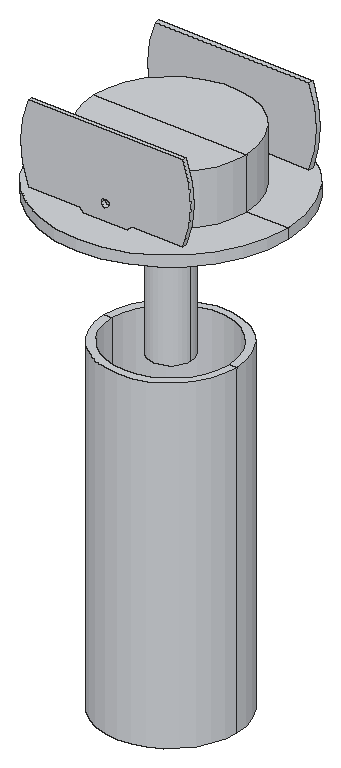
Revit family "Alcon-13351-Revit-Family", category Generic Models, Revit 2021
Family settings
  Can host rebar = No
  Round Connector Dimension = Use Diameter
  Part Type = Normal
  Work Plane-Based = Yes
  Always vertical = Yes
  Cut with Voids When Loaded = No
  Shared = No
  Room Calculation Point = No
Parameters
  Tilting = 90.00°
  Product Identity = "Alcon Light 13351"
  Manufacturer = "Alcon Light"
  Link To Product Page = "https://www.alconlighting.com/13351.html"
  Default Elevation = 4' - 0"
Reference planes (in)
  plane 1 "Center (Front/Back)": y = 0
  plane 2: z = 0
  plane 3 "Center (Left/Right)": x = 0
Dimensions and locks (in)
  nested 2 to nested 2 = 0' - 4"
  "Tilting": angle plane 3 "Center (Left/Right)" to nested 2
  aligned and locked: level to plane 2
Nested families (in)
  nested 1: "Alcon-13351-Driver-Revit-Family" at (0, 0, 0), type "Alcon-13351-Driver-Revit-Family"
  nested 2: "Alcon-13351- Housing-Revit-Family" at (0, 0, -1.75) x (1, 0, 0) z (0, -1, 0), type "Alcon-13351- Housing-Revit-Family"
Definition of nested family "Alcon-13351-Driver-Revit-Family"
  Parameters (values of type "Alcon-13351-Driver-Revit-Family")
    Metal = none
    Housing = none
    Default Elevation = 0' - 0"
  Reference planes (in)
    plane 1 "Center (Front/Back)": y = 0
    plane 2: z = 0
    plane 3 "Center (Left/Right)": x = 0
  Forms (in)
    Revolve 1, solid, material <- "Housing"
      sketch origin (0, 0, 0) x (1, 0, 0) y (0, 0, 1)
        loop
          line (0, -1.875) -> (0.25, -1.875) -> (0.25, -0.125) -> (1.43992, -0.125) -> (1.43992, 0) -> (0.93253, 0) -> (0.93253, 0.6245) -> (0, 0.6245) -> (0, -1.875)
        axis (0, 0.6245) -> (0, -1.875)
      angle from 0 to 360
    Extrusion 2, solid, material <- "Metal"
      sketch origin (0, 0, 0) x (1, 0, 0) y (0, 0, 1)
        loop
          line (-0.26386, 0) -> (0.26386, 0) -> (0.31413, 0.05026) -> (0.93905, 0.05026)
          arc (0.93905, 0.05026) -> (1.03596, 0.52513) -> (0.93905, 1) r 1.21189
          line (0.93905, 1) -> (-0.93905, 1)
          arc (-0.93905, 1) -> (-1.03596, 0.52513) -> (-0.93905, 0.05026) r 1.21189
          line (-0.93905, 0.05026) -> (-0.31413, 0.05026) -> (-0.26386, 0)
        loop
          circle (0, 0.1945) r 0.0494
      from 0.94074 to 0.99078
    Extrusion 3, solid, material <- "Metal"
      sketch origin (0, 0, 0) x (1, 0, 0) y (0, 0, -1)
        loop
          line (-0.26386, 0) -> (-0.31413, -0.05026) -> (-0.93905, -0.05026)
          arc (-0.93905, -0.05026) -> (-1.03596, -0.52513) -> (-0.93905, -1) r 1.21189
          line (-0.93905, -1) -> (0.93905, -1)
          arc (0.93905, -1) -> (1.03596, -0.52513) -> (0.93905, -0.05026) r 1.21189
          line (0.93905, -0.05026) -> (0.31413, -0.05026) -> (0.26386, 0) -> (-0.26386, 0)
        loop
          circle (0, -0.1945) r 0.0494
      from 0.94074 to 0.99078
  Dimensions and locks (in)
    aligned and locked: level to plane 2
Definition of nested family "Alcon-13351- Housing-Revit-Family"
  Parameters (values of type "Alcon-13351- Housing-Revit-Family")
    Wattage = 9.2903 W
    built-in parameter 1150110 = 1 (stored number, unit not read)
    built-in parameter 1114217 = 1 (stored number, unit not read)
    Tilt Angle = 60.00°
    built-in parameter 1150109 = 1 (stored number, unit not read)
    built-in parameter 1150134 = 3
    built-in parameter 1150113 = 1 (stored number, unit not read)
    built-in parameter 1010507 = 1.5708 (stored number, unit not read)
    built-in parameter 1010506 = 0.5236 (stored number, unit not read)
    built-in parameter 1150105 = 4614.1 (stored number, unit not read)
    Lumens = 1380 lm
    built-in parameter 1150115 = 1 (stored number, unit not read)
    Light Source Symbol Length = 10' - 0"
    built-in parameter 1150137 = (empty or 0)
    built-in parameter 1150139 = (empty or 0)
    built-in parameter 1150112 = 1 (stored number, unit not read)
    built-in parameter 1150114 = 1 (stored number, unit not read)
    built-in parameter 1150132 = (empty or 0)
    built-in parameter 1150102 = (empty or 0)
    built-in parameter 1150107 = 3200 (stored number, unit not read)
    built-in parameter 1150138 = (empty or 0)
    built-in parameter 1150106 = 46.141 (stored number, unit not read)
    built-in parameter 1150104 = 13.8 (stored number, unit not read)
    Dimming Lamp Color Temperature Shift = (empty or 0)
    Default Elevation = 0' - 0"
    Color Filter = 16777215
    built-in parameter 1114218 = 1 (stored number, unit not read)
    built-in parameter 1150133 = 10 (stored number, unit not read)
  Reference planes (in)
    plane 1 "Center (Front/Back)": y = 0
    plane 2: z = 0
    plane 3 "Center (Left/Right)": x = 0
  Forms (in)
    Revolve 1, solid
      sketch origin (0, -3.375, 0) x (0, -1, 0) y (1, 0, 0)
        loop
          line (-3.375, 0.72003) -> (0.625, 0.72003) -> (0.625, 0.8125) -> (-3.375, 0.8125) -> (-3.375, 0.72003)
        axis (0.625, 0) -> (-3.375, 0)
      angle from 0 to 360
    Revolve 2, solid
      sketch origin (0, -4, 0) x (0, -1, 0) y (1, 0, 0)
        loop
          line (-2.34685, 0.68753) -> (-2.34685, 0) -> (-0.69575, 0) -> (-0.69575, 0.608) -> (-1.2255, 0.608) -> (-1.2255, 0.26558)
          arc (-1.2255, 0.26558) -> (-1.75086, 0.5704) -> (-2.34685, 0.68753) r 1.8397
        axis (-0.69575, 0) -> (-2.34685, 0)
      angle from 0 to 360
  Lines and regions (in)
    reference lines
      curve 1: line (0, -4, 0) -> (0, 0, 0)
  Dimensions and locks (in)
    Revolve 1 sketch curve to Revolve 1 sketch curve = 0' - 0.09247"
    aligned and locked: level to plane 2
    aligned and locked: plane 1 "Center (Front/Back)" to curve 1
    aligned and locked: curve 1 to Revolve 1 sketch curve
    aligned and locked: curve 1 to Revolve 2 sketch curve
